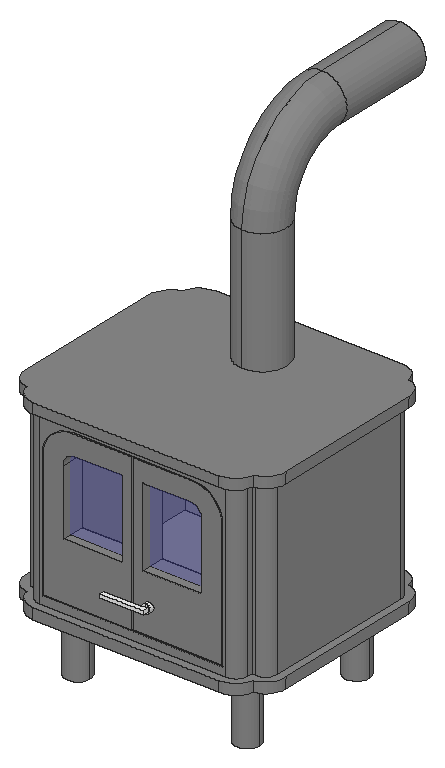
Revit family
Parameters (values of type "750 x 650mm")
  Width = 750 mm
  Wall Offset = 380 mm
  Keynote = "T"
  Height = 800 mm
  Material = Metal - Gray Dark
  Depth = 650 mm
  Assembly Code = ""
Reference planes
  plane 1 "Center (Front/Back)": y = 0
  plane 2: z = 0
  plane 3 "Center (Left/Right)": x = 13.301
  plane 4: x = 388.301
  plane 5: x = -361.699
  plane 6: y = -1030
  plane 7: y = -380
  plane 8: z = 800
  plane 9: z = 203.2
  plane 10: x = -310.899
  plane 11: x = 337.501
  plane 12: y = -430.8
  plane 13: y = -979.2
  plane 14: z = 768.35
  plane 15: z = 234.95
  plane 16: x = -247.399
  plane 17: y = -494.3
  plane 18: y = -915.7
  plane 19: x = 274.001
  plane 20: z = 1409.7
  plane 21: y = -533.4
  plane 22: y = -1004.6
Forms (mm)
  Extrusion 1, solid, material "Metal - Gray Dark" <- "Material"
    sketch origin (0, 0, 0) x (1, 0, 0) y (0, 1, 0)
      loop
        arc (-272.799, -380) -> (-299.74, -391.159) -> (-310.899, -418.1) r 38.1
        line (-310.899, -418.1) -> (-310.899, -430.8) -> (-323.599, -430.8)
        arc (-323.599, -430.8) -> (-350.54, -441.959) -> (-361.699, -468.9) r 38.1
        line (-361.699, -468.9) -> (-361.699, -941.1)
        arc (-361.699, -941.1) -> (-350.54, -968.041) -> (-323.599, -979.2) r 38.1
        line (-323.599, -979.2) -> (-310.899, -979.2) -> (-310.899, -991.9)
        arc (-310.899, -991.9) -> (-299.74, -1018.841) -> (-272.799, -1030) r 38.1
        line (-272.799, -1030) -> (299.401, -1030)
        arc (299.401, -1030) -> (326.341, -1018.841) -> (337.501, -991.9) r 38.1
        line (337.501, -991.9) -> (337.501, -979.2) -> (350.201, -979.2)
        arc (350.201, -979.2) -> (377.141, -968.041) -> (388.301, -941.1) r 38.1
        line (388.301, -941.1) -> (388.301, -468.9)
        arc (388.301, -468.9) -> (377.141, -441.959) -> (350.201, -430.8) r 38.1
        line (350.201, -430.8) -> (337.501, -430.8) -> (337.501, -418.1)
        arc (337.501, -418.1) -> (326.341, -391.159) -> (299.401, -380) r 38.1
        line (299.401, -380) -> (-272.799, -380)
      loop
        line (-289.219, -452.48) -> (-289.219, -957.52) -> (315.82, -957.52) -> (315.82, -452.48) -> (-289.219, -452.48)
    from 234.95 to 768.35
  Extrusion 2, solid, material "Metal - Gray Dark" <- "Material"
    sketch origin (0, 0, 0) x (1, 0, 0) y (0, 1, 0)
      loop
        line (299.401, -354.6) -> (-272.799, -354.6)
        arc (-272.799, -354.6) -> (-313.382, -369.261) -> (-335.226, -406.473) r 63.5
        arc (-335.226, -406.473) -> (-372.439, -428.317) -> (-387.099, -468.9) r 63.5
        line (-387.099, -468.9) -> (-387.099, -941.1)
        arc (-387.099, -941.1) -> (-372.439, -981.683) -> (-335.226, -1003.527) r 63.5
        arc (-335.226, -1003.527) -> (-313.382, -1040.739) -> (-272.799, -1055.4) r 63.5
        line (-272.799, -1055.4) -> (299.401, -1055.4)
        arc (299.401, -1055.4) -> (339.984, -1040.739) -> (361.827, -1003.527) r 63.5
        arc (361.827, -1003.527) -> (399.04, -981.683) -> (413.701, -941.1) r 63.5
        line (413.701, -941.1) -> (413.701, -468.9)
        arc (413.701, -468.9) -> (399.04, -428.317) -> (361.827, -406.473) r 63.5
        arc (361.827, -406.473) -> (339.984, -369.261) -> (299.401, -354.6) r 63.5
    from 768.35 to 800
  Extrusion 3, solid, material "Metal - Gray Dark" <- "Material"
    sketch origin (0, 0, 0) x (1, 0, 0) y (0, 1, 0)
      loop
        line (299.401, -354.6) -> (-272.799, -354.6)
        arc (-272.799, -354.6) -> (-313.382, -369.261) -> (-335.226, -406.473) r 63.5
        arc (-335.226, -406.473) -> (-372.439, -428.317) -> (-387.099, -468.9) r 63.5
        line (-387.099, -468.9) -> (-387.099, -941.1)
        arc (-387.099, -941.1) -> (-372.439, -981.683) -> (-335.226, -1003.527) r 63.5
        arc (-335.226, -1003.527) -> (-313.382, -1040.739) -> (-272.799, -1055.4) r 63.5
        line (-272.799, -1055.4) -> (299.401, -1055.4)
        arc (299.401, -1055.4) -> (339.984, -1040.739) -> (361.827, -1003.527) r 63.5
        arc (361.827, -1003.527) -> (399.04, -981.683) -> (413.701, -941.1) r 63.5
        line (413.701, -941.1) -> (413.701, -468.9)
        arc (413.701, -468.9) -> (399.04, -428.317) -> (361.827, -406.473) r 63.5
        arc (361.827, -406.473) -> (339.984, -369.261) -> (299.401, -354.6) r 63.5
    from 203.2 to 234.95
  Extrusion 4, solid, material "Metal - Gray Dark" <- "Material"
    sketch origin (0, 0, 0) x (1, 0, 0) y (0, 1, 0)
      loop
        circle (-247.399, -494.3) r 38.1
      loop
        circle (274.001, -494.3) r 38.1
      loop
        circle (274.001, -915.7) r 38.1
      loop
        circle (-247.399, -915.7) r 38.1
    from 0 to 203.2
  Sweep 5, solid, material "Metal - Gray Dark" <- "Material"
    path origin (13.301, 0, 0) x (0, 1, 0) y (0, 0, 1)
      loop
        line (0, 1409.7) -> (-303.8, 1409.7)
        arc (-303.8, 1409.7) -> (-466.152, 1342.452) -> (-533.4, 1180.1) r 229.6
        line (-533.4, 1180.1) -> (-533.4, 800)
    profile origin (13.301, -151.9, 0) x (0, 0, -1) y (1, 0, 0)
      loop
        circle (-1409.7, 0) r 76.2
  Extrusion 6, void
    sketch origin (0, 0, 0) x (1, 0, 0) y (0, 0, 1)
      loop
        arc (-171.744, 742.95) -> (-236.851, 715.982) -> (-263.819, 650.875) r 92.075
        line (-263.819, 650.875) -> (-263.819, 260.35) -> (290.42, 260.35) -> (290.42, 650.875)
        arc (290.42, 650.875) -> (263.452, 715.982) -> (198.345, 742.95) r 92.075
        line (198.345, 742.95) -> (-171.744, 742.95)
      loop
        arc (-171.744, 739.775) -> (-234.606, 713.737) -> (-260.644, 650.875) r 88.9
        line (-260.644, 650.875) -> (-260.644, 263.525) -> (10.126, 263.525) -> (10.126, 739.775) -> (-171.744, 739.775)
      loop
        line (16.476, 739.775) -> (16.476, 263.525) -> (287.245, 263.525) -> (287.245, 650.875)
        arc (287.245, 650.875) -> (261.207, 713.737) -> (198.345, 739.775) r 88.9
        line (198.345, 739.775) -> (16.476, 739.775)
    from 1008.459 to 1030
  Extrusion 7, void
    sketch origin (0, 0, 0) x (1, 0, 0) y (0, 0, 1)
      loop
        line (-200.319, 438.15) -> (-18.449, 438.15) -> (-18.449, 679.45) -> (-162.219, 679.45)
        arc (-162.219, 679.45) -> (-189.16, 668.291) -> (-200.319, 641.35) r 38.1
        line (-200.319, 641.35) -> (-200.319, 438.15)
      loop
        line (226.92, 438.15) -> (226.92, 641.35)
        arc (226.92, 641.35) -> (215.761, 668.291) -> (188.82, 679.45) r 38.1
        line (188.82, 679.45) -> (45.051, 679.45) -> (45.051, 438.15) -> (226.92, 438.15)
    from 957.52 to 1030
  Extrusion 8, solid, material "Glass"
    sketch origin (-272.799, -1030, 768.35) x (0, 0, -1) y (1, 0, 0)
      loop
        line (88.9, 254.35) -> (88.9, 110.58)
        arc (88.9, 110.58) -> (100.059, 83.639) -> (127, 72.48) r 38.1
        line (127, 72.48) -> (330.2, 72.48) -> (330.2, 254.35) -> (88.9, 254.35)
      loop
        line (88.9, 461.62) -> (88.9, 317.85) -> (330.2, 317.85) -> (330.2, 499.72) -> (127, 499.72)
        arc (127, 499.72) -> (100.059, 488.561) -> (88.9, 461.62) r 38.1
    from -72.48 to -25.4
  Extrusion 9, solid, material "Metal - Stainless Steel"
    sketch origin (-272.799, -1030, 768.35) x (0, 0, -1) y (1, 0, 0)
      loop
        circle (423.76, 336.864) r 12.7
    from 0 to 12.7
  Extrusion 10, solid, material "Metal - Stainless Steel"
    sketch origin (0, 0, 0) x (1, 0, 0) y (0, 1, 0)
      loop
        line (70.415, -1042.7) -> (57.544, -1042.7) -> (57.544, -1047.396) -> (-62.422, -1047.396) -> (-62.422, -1060.585) -> (70.415, -1060.585) -> (70.415, -1042.7)
    from 339.169 to 350.639
Cuts and joins
  Extrusion 6, Extrusion 7 cuts Extrusion 1
  Extrusion 6, Extrusion 7 cuts Extrusion 2
  Extrusion 6, Extrusion 7 cuts Extrusion 3
  Extrusion 6, Extrusion 7 cuts Extrusion 4
  Extrusion 6, Extrusion 7 cuts Sweep 5
Lines and regions (mm)
  symbolic lines, style "Wood Stove"
    curve 1: line (299.401, -354.6, 0) -> (89.501, -354.6, 0)
    curve 2: line (299.401, -380, 0) -> (89.501, -380, 0)
    curve 3: arc (-272.799, -354.6, 0) -> (-313.382, -369.261, 0) -> (-335.226, -406.473, 0) r 63.5
    curve 4: arc (-272.799, -380, 0) -> (-299.74, -391.159, 0) -> (-310.899, -418.1, 0) r 38.1
    curve 5: arc (-323.599, -430.8, 0) -> (-350.54, -441.959, 0) -> (-361.699, -468.9, 0) r 38.1
    curve 6: arc (-335.226, -406.473, 0) -> (-372.439, -428.317, 0) -> (-387.099, -468.9, 0) r 63.5
    curve 7: line (-387.099, -468.9, 0) -> (-387.099, -941.1, 0)
    curve 8: line (-361.699, -468.9, 0) -> (-361.699, -941.1, 0)
    curve 9: arc (-387.099, -941.1, 0) -> (-372.439, -981.683, 0) -> (-335.226, -1003.527, 0) r 63.5
    curve 10: arc (-361.699, -941.1, 0) -> (-350.54, -968.041, 0) -> (-323.599, -979.2, 0) r 38.1
    curve 11: arc (-310.899, -991.9, 0) -> (-299.74, -1018.841, 0) -> (-272.799, -1030, 0) r 38.1
    curve 12: arc (-335.226, -1003.527, 0) -> (-313.382, -1040.739, 0) -> (-272.799, -1055.4, 0) r 63.5
    curve 13: line (-272.799, -1055.4, 0) -> (299.401, -1055.4, 0)
    curve 14: line (-272.799, -1030, 0) -> (299.401, -1030, 0)
    curve 15: arc (299.401, -1055.4, 0) -> (339.984, -1040.739, 0) -> (361.827, -1003.527, 0) r 63.5
    curve 16: arc (299.401, -1030, 0) -> (326.341, -1018.841, 0) -> (337.501, -991.9, 0) r 38.1
    curve 17: arc (350.201, -979.2, 0) -> (377.141, -968.041, 0) -> (388.301, -941.1, 0) r 38.1
    curve 18: arc (361.827, -1003.527, 0) -> (399.04, -981.683, 0) -> (413.701, -941.1, 0) r 63.5
    curve 19: line (413.701, -941.1, 0) -> (413.701, -468.9, 0)
    curve 20: line (388.301, -941.1, 0) -> (388.301, -468.9, 0)
    curve 21: arc (388.301, -468.9, 0) -> (377.141, -441.959, 0) -> (350.201, -430.8, 0) r 38.1
    curve 22: arc (413.701, -468.9, 0) -> (399.04, -428.317, 0) -> (361.827, -406.473, 0) r 63.5
    curve 23: arc (361.827, -406.473, 0) -> (339.984, -369.261, 0) -> (299.401, -354.6, 0) r 63.5
    curve 24: arc (337.501, -418.1, 0) -> (326.341, -391.159, 0) -> (299.401, -380, 0) r 38.1
    curve 25: line (-62.899, 0, 0) -> (89.501, 0, 0)
    curve 26: line (89.501, 0, 0) -> (89.501, -533.4, 0)
    curve 27: arc (89.501, -533.4, 0) -> (13.301, -609.6, 0) -> (-62.899, -533.4, 0) r 76.2
    curve 28: line (-62.899, -533.4, 0) -> (-62.899, 0, 0)
    curve 29: line (-62.899, -354.6, 0) -> (-272.799, -354.6, 0)
    curve 30: line (-62.899, -380, 0) -> (-272.799, -380, 0)
    curve 31: line (-310.899, -418.1, 0) -> (-310.899, -430.8, 0)
    curve 32: line (-310.899, -430.8, 0) -> (-323.599, -430.8, 0)
    curve 33: line (-310.899, -991.9, 0) -> (-310.899, -979.2, 0)
    curve 34: line (-310.899, -979.2, 0) -> (-323.599, -979.2, 0)
    curve 35: line (337.501, -991.9, 0) -> (337.501, -979.2, 0)
    curve 36: line (337.501, -979.2, 0) -> (350.201, -979.2, 0)
    curve 37: line (350.201, -430.8, 0) -> (337.501, -430.8, 0)
    curve 38: line (337.501, -430.8, 0) -> (337.501, -418.1, 0)
Dimensions and locks
  "Width": plane 5 to plane 4
  equal spacing: plane 5, plane 3 "Center (Left/Right)", plane 4
  "Depth": plane 6 to plane 7
  "Wall Offset": plane 7 to plane 1 "Center (Front/Back)"
  "Height": plane 8 to plane 2
  locked: plane 9 to plane 2 at 203.2
  locked: plane 5 to plane 10 at 50.8
  locked: plane 11 to plane 4 at 50.8
  locked: plane 7 to plane 12 at 50.8
  locked: plane 13 to plane 6 at 50.8
  locked: plane 17 to plane 7 at 114.3
  locked: plane 6 to plane 18 at 114.3
  locked: plane 5 to plane 16 at 114.3
  locked: plane 19 to plane 4 at 114.3
  Extrusion 6 sketch curve to Extrusion 6 sketch curve to plane 4 = 3.175 mm locked, 97.88 mm locked
  Extrusion 6 sketch curve to Extrusion 6 sketch curve to plane 5 = 3.175 mm locked, 97.88 mm locked
  locked: plane 4 to Extrusion 7 sketch curve at 161.38
  locked: plane 5 to Extrusion 7 sketch curve at 161.38
  locked: plane 6 to plane 22 at 25.4
  aligned and locked: plane 7 to Extrusion 1 sketch curve
  aligned and locked: plane 4 to Extrusion 1 sketch curve
  aligned and locked: Extrusion 1 to plane 14
  aligned and locked: Extrusion 2 to plane 8
  aligned and locked: Extrusion 2 to Extrusion 1
  aligned and locked: plane 15 to Extrusion 1
  aligned and locked: plane 9 to Extrusion 3
  aligned and locked: Extrusion 3 to Extrusion 1
  aligned and locked: Extrusion 3 sketch curve to Extrusion 2  (x2)
  aligned and locked: Extrusion 2 to Extrusion 3 sketch curve  (x2)
  aligned and locked: Extrusion 4 to plane 9
  aligned and locked: plane 6 to Extrusion 6
  aligned and locked: plane 6 to Extrusion 7
  aligned and locked: Extrusion 1 to Extrusion 7
  aligned and locked: cut or joined group of Extrusion 1, Extrusion 6, Extrusion 7 to Extrusion 8
  aligned and locked: Extrusion 8 to plane 22
Automatic sketch dimensions
  plane 5 to Extrusion 2 sketch curve = 25.4 mm
  Extrusion 2 sketch curve to plane 5 = 38.1 mm  (x2)
  plane 6 to Extrusion 2 sketch curve = 25.4 mm
  Extrusion 2 sketch curve to plane 7 = 25.4 mm
  plane 4 to Extrusion 2 sketch curve = 88.9 mm  (x2)
  plane 4 to Extrusion 2 sketch curve = 38.1 mm  (x2)
  plane 4 to Extrusion 2 sketch curve = 26.473 mm  (x2)
  Extrusion 2 sketch curve to plane 4 = 25.4 mm
  Extrusion 2 sketch curve to plane 6 = 26.473 mm  (x2)
  Extrusion 2 sketch curve to Extrusion 2 sketch curve = 114.3 mm  (x2)
  Extrusion 2 sketch curve to plane 5 = 26.473 mm
  Extrusion 2 sketch curve to Extrusion 2 sketch curve = 62.427 mm  (x2)
  Extrusion 2 sketch curve to Extrusion 2 sketch curve = 11.627 mm
  Extrusion 3 sketch curve to plane 5 = 26.473 mm  (x2)
  Extrusion 3 sketch curve to plane 5 = 38.1 mm  (x2)
  plane 7 to Extrusion 3 sketch curve = 38.1 mm  (x2)
  Extrusion 3 sketch curve to Extrusion 3 sketch curve = 62.427 mm  (x2)
  Extrusion 3 sketch curve to plane 6 = 38.1 mm
  plane 4 to Extrusion 3 sketch curve = 88.9 mm
  plane 4 to Extrusion 3 sketch curve = 38.1 mm  (x2)
  plane 4 to Extrusion 3 sketch curve = 26.473 mm  (x2)
  Extrusion 3 sketch curve to plane 6 = 26.473 mm
  Extrusion 3 sketch curve to Extrusion 3 sketch curve = 50.8 mm
  Extrusion 4 sketch curve to plane 18 = 0 mm  (x2)
  Extrusion 4 sketch curve to plane 17 = 0 mm  (x2)
  Extrusion 4 sketch curve to plane 16 = 0 mm  (x2)
  Extrusion 4 sketch curve to plane 19 = 0 mm  (x2)
  plane 16 to Extrusion 4 sketch curve = 38.1 mm  (x2)
  Extrusion 4 sketch curve to plane 19 = 38.1 mm
  Extrusion 4 sketch curve to Extrusion 4 sketch curve = 38.1 mm
  Sweep 5 sketch curve to plane 8 = 0 mm
  Sweep 5 sketch curve to plane 21 = 0 mm
  Sweep 5 sketch curve to plane 20 = 0 mm
  Sweep 5 sketch curve to plane 1 "Center (Front/Back)" = 0 mm
  Sweep 5 sketch curve to plane 7 = 76.2 mm
  Sweep 5 sketch curve to plane 3 "Center (Left/Right)" = 0 mm
  Sweep 5 sketch curve to profile plane = 0 mm
  profile plane to Sweep 5 sketch curve = 76.2 mm
  Extrusion 1 sketch curve to plane 5 = 0 mm
  Extrusion 1 sketch curve to plane 12 = 0 mm  (x2)
  Extrusion 1 sketch curve to plane 13 = 0 mm  (x2)
  Extrusion 1 sketch curve to plane 10 = 0 mm  (x2)
  Extrusion 1 sketch curve to plane 6 = 0 mm
  Extrusion 1 sketch curve to plane 11 = 0 mm  (x2)
  Extrusion 1 sketch curve to Extrusion 1 sketch curve = 12.7 mm  (x3)
  plane 10 to Extrusion 1 sketch curve = 12.7 mm
  Extrusion 1 sketch curve to plane 10 = 21.68 mm
  Extrusion 1 sketch curve to plane 10 = 38.1 mm
  plane 12 to Extrusion 1 sketch curve = 12.7 mm  (x2)
  plane 11 to Extrusion 1 sketch curve = 38.1 mm
  plane 11 to Extrusion 1 sketch curve = 21.68 mm
  plane 13 to Extrusion 1 sketch curve = 21.68 mm
  Extrusion 1 sketch curve to plane 12 = 21.68 mm
  Extrusion 6 sketch curve to plane 15 = 25.4 mm
  plane 14 to Extrusion 6 sketch curve = 25.4 mm
  Extrusion 6 sketch curve to Extrusion 6 sketch curve = 88.9 mm  (x2)
  Extrusion 6 sketch curve to Extrusion 6 sketch curve = 0 mm  (x4)
  Extrusion 6 sketch curve to plane 3 "Center (Left/Right)" = 3.175 mm
  plane 3 "Center (Left/Right)" to Extrusion 6 sketch curve = 3.175 mm
  Extrusion 6 sketch curve to Extrusion 6 sketch curve = 3.175 mm  (x2)
  Extrusion 7 sketch curve to Extrusion 7 sketch curve = 38.1 mm  (x2)
  Extrusion 7 sketch curve to plane 3 "Center (Left/Right)" = 31.75 mm
  plane 3 "Center (Left/Right)" to Extrusion 7 sketch curve = 31.75 mm
  Extrusion 7 sketch curve to plane 15 = 203.2 mm
  Extrusion 7 sketch curve to Extrusion 7 sketch curve = 0 mm
  plane 14 to Extrusion 7 sketch curve = 127 mm  (x2)
  plane 14 to Extrusion 8 sketch curve = 88.9 mm  (x2)
  Extrusion 8 sketch curve to Extrusion 8 sketch curve = 38.1 mm  (x2)
  Extrusion 8 sketch curve to plane 3 "Center (Left/Right)" = 31.75 mm
  Extrusion 8 sketch curve to plane 15 = 203.2 mm  (x2)
  Extrusion 8 sketch curve to plane 5 = 199.48 mm
  plane 3 "Center (Left/Right)" to Extrusion 8 sketch curve = 31.75 mm
  plane 4 to Extrusion 8 sketch curve = 199.48 mm
  Extrusion 9 sketch curve to plane 15 = 122.34 mm
  Extrusion 9 sketch curve to Extrusion 9 sketch curve = 12.7 mm
  plane 3 "Center (Left/Right)" to Extrusion 9 sketch curve = 50.764 mm
  plane 6 to Extrusion 10 sketch curve = 17.396 mm
  Extrusion 10 sketch curve to plane 3 "Center (Left/Right)" = 75.723 mm
  plane 6 to Extrusion 10 sketch curve = 12.7 mm
  plane 3 "Center (Left/Right)" to Extrusion 10 sketch curve = 44.244 mm
  Extrusion 10 sketch curve to Extrusion 10 sketch curve = 12.87 mm
  Extrusion 10 sketch curve to Extrusion 10 sketch curve = 13.189 mm
  curve 8 to plane 5 = 0 mm
  curve 11 to plane 6 = 0 mm
  curve 4 to plane 7 = 0 mm
  curve 28 to plane 21 = 0 mm
  curve 25 to plane 1 "Center (Front/Back)" = 0 mm
  curve 27 to plane 3 "Center (Left/Right)" = 0 mm
  curve 2 to plane 7 = 0 mm
  curve 21 to plane 4 = 0 mm
  plane 5 to curve 6 = 25.4 mm
  curve 3 to plane 5 = 26.473 mm
  curve 9 to plane 22 = 1.073 mm
  curve 9 to plane 5 = 26.473 mm
  curve 5 to curve 6 = 38.1 mm
  curve 9 to curve 34 = 11.627 mm
  curve 3 to curve 5 = 11.627 mm
  curve 9 to curve 10 = 0 mm
  curve 10 to curve 34 = 12.7 mm
  curve 32 to curve 4 = 12.7 mm
  curve 12 to plane 22 = 12.7 mm
  curve 11 to curve 12 = 38.1 mm
  curve 11 to curve 12 = 0 mm
  curve 3 to plane 7 = 25.4 mm
  curve 31 to curve 3 = 38.1 mm
  curve 4 to curve 29 = 0 mm
  curve 28 to plane 3 "Center (Left/Right)" = 76.2 mm
  plane 4 to curve 13 = 88.9 mm
  curve 14 to curve 13 = 0 mm
  curve 1 to plane 7 = 25.4 mm
  plane 4 to curve 1 = 88.9 mm
  curve 24 to curve 23 = 0 mm
  curve 23 to curve 24 = 38.1 mm
  curve 35 to plane 22 = 12.7 mm
  plane 4 to curve 22 = 38.1 mm
  curve 37 to curve 21 = 12.7 mm
  plane 4 to curve 18 = 38.1 mm
  curve 35 to curve 17 = 12.7 mm
  plane 4 to curve 22 = 26.473 mm
  curve 15 to plane 22 = 1.073 mm
  curve 36 to curve 15 = 11.627 mm
  curve 17 to curve 19 = 25.4 mm
  curve 35 to curve 36 = 12.7 mm
  curve 11 to curve 34 = 12.7 mm
  curve 6 to curve 4 = 50.8 mm
  curve 19 to curve 24 = 50.8 mm
  curve 5 to curve 6 = 0 mm
  curve 21 to curve 22 = 0 mm
